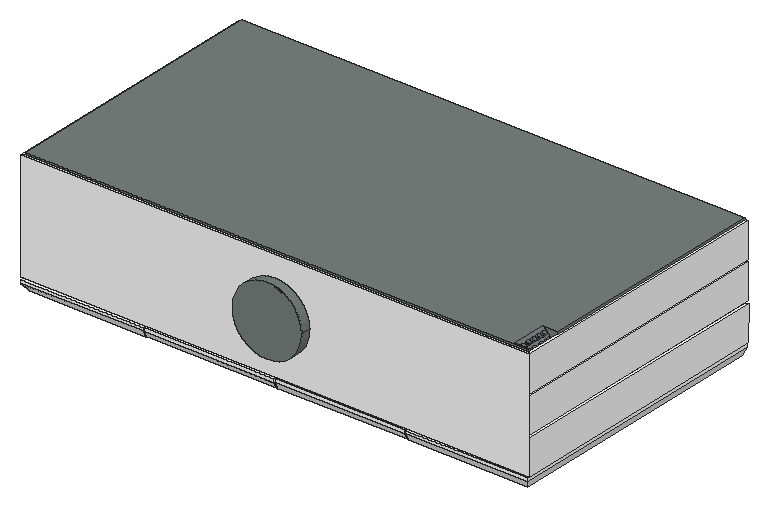
Revit family "AM 1000 HH DIDE", category Mechanical Equipment, Revit 2019
Family settings
  Round Connector Dimension = Use Diameter
  Part Type = Normal
  OmniClass Number = 23.75.00.00
  OmniClass Title = Climate Control (HVAC)
  Work Plane-Based = No
  Always vertical = Yes
  Cut with Voids When Loaded = No
  Shared = No
  Room Calculation Point = No
Parameters
  Weight (Standard Unit) = 301.5  # constant formula
  Water heating surface in = "1/2\" (DN 15)"
  Water heating surface Return = "1/2\" (DN 15)"
  Water Heater Surface Return = 15 mm  # constant formula
  Water Heater Surface IN = 15 mm  # constant formula
  URL = "www.airmaster-as.com"
  Total Width = 2325 mm  # constant formula
  Total Hight = 560 mm  # constant formula
  Top Panel [instance] = yes
  T-C Duct Exhaust = 258 mm  # constant formula
  T-C Duct Supply = 258 mm  # constant formula
  Suply Air In = 315 mm  # constant formula
  R-C Duct Exhaust = 237 mm  # constant formula
  Phase 1 - Max Power Consumption = "4105 W"
  Phase 1 - Max Current = "19 A"
  Nominal current, electrical preheating surface = "10 A"
  Nominal current, electrical comfort heating surface = "6,5 A"
  Nominal current, air handling unit = "2,2 A"
  Network Conection = "AWG 24 CAT 5e STP"
  Model = "AM 1000 HH DIDE"
  Middel Panel [instance] = yes
  Max. flow rate 35 dB(A) with ePM10 80% filters = 998.00 m³  # constant formula
  Max. flow rate 35 dB(A) with ePM10 55% filters = 1025.00 m³  # constant formula
  Max. flow rate 35 dB(A) with ePM10 50% filters = 1050.00 m³  # constant formula
  Max. flow rate 30 dB(A) with ePM10 80% filters = 903.00 m³  # constant formula
  Max. flow rate 30 dB(A) with ePM10 55% filters = 926.00 m³  # constant formula
  Max. flow rate 30 dB(A) with ePM10 50% filters = 950.00 m³  # constant formula
  Manufacturer = "Airmaster A/S"
  Maintenance [instance] = no
  L-C Duct ESupply = 317 mm  # constant formula
  Exhaust Air = 315 mm  # constant formula
  Total Depth = 1248 mm  # constant formula
  Electrical connection = "1  ~ 230V+N+PE / 3 ~ 230/400V+N+PE/ 50 Hz"
  Drawn By = "LSB"
  Data Sheet = "https://www.airmaster-as.com/media/dd4ftkqw/14174_ds_am1000_en_rev01.pdf"
  Condensate conector = "Ø6/9 mm"
  Condensate = 9 mm  # constant formula
  Buttom Panel [instance] = yes
  BMS Panel = "(PTS) 2x2x0,6"
  BMS Out = "(PTS) 2x2x0,6"
  BMS IN = "(PTS) 2x2x0,6"
  Airflow area [instance] = no
  Air flow area [instance] = Airflow
Reference planes
  plane 1 "Center (Front/Back)": y = 0
  plane 2: z = 0
  plane 3 "Center (Left/Right)": x = 0
  plane 4 "Center L/S": y = -1248
  plane 5 "Center L/T": x = -1162.5
  plane 6 "Center L/U": x = 1162.5
  plane 7 "TOP": z = 560
  plane 8 "Center L/V": x = -1147.5
  plane 9 "Center L/W": y = -1233
  plane 10 "Center L/X": x = 1147.5
  plane 11 "Panel Buttom": z = 44.5
  plane 12 "Panel Top": z = 212.5
  plane 13 "Hatch": z = 14.5
  plane 14 "Center L/Z": z = 222.5
  plane 15 "Center L/AA": z = 382.5
  plane 16 "Center L/BB": z = 392.5
  plane 17 "Center L/CC": z = 552.5
  plane 18 "Center L/DD": z = 52.35
  plane 19 "Center L/EE": z = 411.6
  plane 20: x = 1077.714
  plane 21: y = -1065.25
Forms (mm)
  Extrusion 1, solid, material "AM Grey"
    sketch origin (0, 0, 0) x (1, 0, 0) y (0, 1, 0)
      loop
        line (-1147.5, 0) -> (-1147.5, -1233) -> (1147.5, -1233) -> (1147.5, 0) -> (-1147.5, 0)
    from 44.5 to 560
  Blend 2, solid, material "AM White"
    base sketch origin (-790.646, -1524, 14.5) x (0, -1, 0) y (1, 0, 0)
      loop
        line (-276, -364.887) -> (-276, 1946.157) -> (-1524, 1946.157) -> (-1524, -364.887) -> (-276, -364.887)
    top sketch origin (-790.646, -1524, 14.5) x (0, -1, 0) y (1, 0, 0)
      loop
        line (-291, -337.182) -> (-291, 1935.146) -> (-1512, 1935.146) -> (-1512, -337.182) -> (-291, -337.182)
    from 14.086 to -14.5
  Extrusion 3, solid, material "AM Grey"
    sketch origin (-1147.5, 0, 0) x (1, 0, 0) y (0, 0, -1)
      loop
        circle (2073, -302) r 157.5
    from 0 to 9.75
  Extrusion 4, solid, material "AM Grey"
    sketch origin (-785, 0, 0) x (1, 0, 0) y (0, 0, -1)
      loop
        circle (-60.5, -302) r 157.5
    from 0 to 9.75
  Extrusion 5, solid, material "Maintenece", visible <- "Maintenance"
    sketch origin (-790.646, -1524, 0) x (1, 0, 0) y (0, -1, 0)
      loop
        line (-355.498, -1524) -> (1953.146, -1524) -> (1953.146, -276) -> (-355.498, -276) -> (-355.498, -1524)
    from 0 to 1200
  Extrusion 6, void
    sketch origin (1162.5, -1248, 44.5) x (1, 0, 0) y (0, 0, -1)
      loop
        line (-561, 44.65) -> (-570.2, 44.65)
        arc (-570.2, 44.65) -> (-568.786, 44.064) -> (-568.2, 42.65) r 2
        line (-568.2, 42.65) -> (-568.2, -7.85) -> (-563, -7.85) -> (-563, 42.65)
        arc (-563, 42.65) -> (-562.414, 44.064) -> (-561, 44.65) r 2
      loop
        line (-1157.2, 44.65) -> (-1166.4, 44.65)
        arc (-1166.4, 44.65) -> (-1164.986, 44.064) -> (-1164.4, 42.65) r 2
        line (-1164.4, 42.65) -> (-1164.4, -7.85) -> (-1159.2, -7.85) -> (-1159.2, 42.65)
        arc (-1159.2, 42.65) -> (-1158.614, 44.064) -> (-1157.2, 44.65) r 2
      loop
        line (-1754.3, 44.65) -> (-1763.5, 44.65)
        arc (-1763.5, 44.65) -> (-1762.086, 44.064) -> (-1761.5, 42.65) r 2
        line (-1761.5, 42.65) -> (-1761.5, -7.85) -> (-1756.3, -7.85) -> (-1756.3, 42.65)
        arc (-1756.3, 42.65) -> (-1755.714, 44.064) -> (-1754.3, 44.65) r 2
    from 0 to 1281
  Extrusion 7, solid, material "AM White"
    sketch origin (0, 0, 44.5) x (0, 1, 0) y (1, 0, 0)
      loop
        line (-1248, -1157) -> (0, -1157) -> (0, 1155.511) -> (-1248, 1155.511) -> (-1248, -1157)
    from 0 to 15.914
  Extrusion 8, solid, material "AM White", visible <- "Middel Panel"
    sketch origin (794.5, -1524, 214.5) x (0, -1, 0) y (-1, 0, 0)
      loop
        line (-1524, -368) -> (-278.318, -368) -> (-293.318, -353) -> (-1524, -353) -> (-1524, -368)
    from -7.85 to -168
  Extrusion 9, solid
    sketch origin (1147.5, -1256.441, -6.992) x (0, 1, 0) y (0, 0, 1)
      loop
        arc (1222.716, 528.556) -> (1233.368, 538.673) -> (1222.441, 548.492) r 10
        arc (1222.441, 548.492) -> (1213.37, 538.397) -> (1222.716, 528.556) r 10
    from 0 to 14
  Extrusion 10, solid
    sketch origin (1147.5, -1256.441, -6.992) x (0, 1, 0) y (0, 0, 1)
      loop
        arc (1200.869, 545.503) -> (1201.138, 537.541) -> (1202.323, 545.419) r 4
        arc (1202.323, 545.419) -> (1201.6, 545.528) -> (1200.869, 545.503) r 4
    from 0 to 14
  Extrusion 11, solid
    sketch origin (1147.5, -1256.441, -6.992) x (0, 1, 0) y (0, 0, 1)
      loop
        arc (1222.716, 498.556) -> (1233.368, 508.673) -> (1222.441, 518.492) r 10
        arc (1222.441, 518.492) -> (1213.37, 508.397) -> (1222.716, 498.556) r 10
    from 0 to 14
  Extrusion 12, solid
    sketch origin (1147.5, -1256.441, -6.992) x (0, 1, 0) y (0, 0, 1)
      loop
        arc (1200.869, 531.503) -> (1201.138, 523.541) -> (1202.323, 531.419) r 4
        arc (1202.323, 531.419) -> (1201.6, 531.528) -> (1200.869, 531.503) r 4
    from 0 to 14
  Extrusion 13, solid
    sketch origin (1147.5, -1256.441, -6.992) x (0, 1, 0) y (0, 0, 1)
      loop
        arc (1200.869, 517.503) -> (1201.138, 509.541) -> (1202.323, 517.419) r 4
        arc (1202.323, 517.419) -> (1201.6, 517.528) -> (1200.869, 517.503) r 4
    from 0 to 14
  Extrusion 14, solid
    sketch origin (1147.5, -1256.441, -6.992) x (0, 1, 0) y (0, 0, 1)
      loop
        arc (1200.869, 503.503) -> (1201.138, 495.541) -> (1202.323, 503.419) r 4
        arc (1202.323, 503.419) -> (1201.6, 503.528) -> (1200.869, 503.503) r 4
    from 0 to 14
  Extrusion 15, solid
    sketch origin (1147.5, -1256.441, -6.992) x (0, 1, 0) y (0, 0, 1)
      loop
        arc (1200.869, 489.503) -> (1201.138, 481.541) -> (1202.323, 489.419) r 4
        arc (1202.323, 489.419) -> (1201.6, 489.528) -> (1200.869, 489.503) r 4
    from 0 to 14
  Extrusion 16, solid
    sketch origin (1147.5, -1256.441, -6.992) x (0, 1, 0) y (0, 0, 1)
      loop
        arc (1200.869, 475.503) -> (1201.138, 467.541) -> (1202.323, 475.419) r 4
        arc (1202.323, 475.419) -> (1201.6, 475.528) -> (1200.869, 475.503) r 4
    from 0 to 14
  Extrusion 17, solid
    sketch origin (1147.5, -1256.441, -6.992) x (0, 1, 0) y (0, 0, 1)
      loop
        arc (1200.869, 461.503) -> (1201.138, 453.541) -> (1202.323, 461.419) r 4
        arc (1202.323, 461.419) -> (1201.6, 461.528) -> (1200.869, 461.503) r 4
    from 0 to 14
  Extrusion 18, solid
    sketch origin (1147.5, -1256.441, -6.992) x (0, 1, 0) y (0, 0, 1)
      loop
        arc (1200.869, 447.503) -> (1201.138, 439.541) -> (1202.323, 447.419) r 4
        arc (1202.323, 447.419) -> (1201.6, 447.528) -> (1200.869, 447.503) r 4
    from 0 to 14
  Extrusion 19, solid
    sketch origin (1147.5, -1256.441, -6.992) x (0, 1, 0) y (0, 0, 1)
      loop
        arc (1200.869, 433.503) -> (1201.138, 425.541) -> (1202.323, 433.419) r 4
        arc (1202.323, 433.419) -> (1201.6, 433.528) -> (1200.869, 433.503) r 4
    from 0 to 14
  Extrusion 20, solid
    sketch origin (1147.5, -1256.441, -6.992) x (0, 1, 0) y (0, 0, 1)
      loop
        arc (1200.869, 419.503) -> (1201.138, 411.541) -> (1202.323, 419.419) r 4
        arc (1202.323, 419.419) -> (1201.6, 419.528) -> (1200.869, 419.503) r 4
    from 0 to 14
  Extrusion 21, solid
    sketch origin (1147.5, -1256.441, -6.992) x (0, 1, 0) y (0, 0, 1)
      loop
        arc (1222.716, 468.556) -> (1233.368, 478.673) -> (1222.441, 488.492) r 10
        arc (1222.441, 488.492) -> (1213.37, 478.397) -> (1222.716, 468.556) r 10
    from 0 to 14
  Extrusion 22, solid
    sketch origin (1147.5, -1256.441, -6.992) x (0, 1, 0) y (0, 0, 1)
      loop
        arc (1222.716, 438.556) -> (1233.368, 448.673) -> (1222.441, 458.492) r 10
        arc (1222.441, 458.492) -> (1213.37, 448.397) -> (1222.716, 438.556) r 10
    from 0 to 14
  Extrusion 23, solid
    sketch origin (1147.5, -1256.441, -6.992) x (0, 1, 0) y (0, 0, 1)
      loop
        arc (1222.716, 408.556) -> (1233.368, 418.673) -> (1222.441, 428.492) r 10
        arc (1222.441, 428.492) -> (1213.37, 418.397) -> (1222.716, 408.556) r 10
    from 0 to 14
  Extrusion 24, void
    sketch origin (1147.5, -1233, 0) x (1, 0, 0) y (0, 0, -1)
      loop
        line (-69.786, -560) -> (0, -560) -> (0, -490.214) -> (-69.786, -560)
    from 5 to 167.75
  Extrusion 25, solid, material "AM Grey"
    sketch origin (1077.714, -1240.497, 560) x (0.707107, 0, -0.707107) y (0, 1, 0)
      loop
        circle (55.785, 29.963) r 10
    from 0 to 15
  Extrusion 26, solid, material "AM Grey"
    sketch origin (1077.714, -4445.497, 560) x (0.707107, 0, -0.707107) y (0, 1, 0)
      loop
        circle (25.193, 3235.104) r 8
    from 0 to 15
  Extrusion 27, solid, material "AM Grey"
    sketch origin (1077.714, -4415.497, 560) x (0.707107, 0, -0.707107) y (0, 1, 0)
      loop
        circle (25.193, 3235.104) r 8
    from 0 to 15
  Extrusion 28, solid, material "AM Grey"
    sketch origin (1077.714, -4385.497, 560) x (0.707107, 0, -0.707107) y (0, 1, 0)
      loop
        circle (25.193, 3235.104) r 8
    from 0 to 15
  Extrusion 29, solid, material "AM Grey"
    sketch origin (1077.714, -4355.497, 560) x (0.707107, 0, -0.707107) y (0, 1, 0)
      loop
        circle (25.193, 3235.104) r 8
    from 0 to 15
  Extrusion 30, solid, material "AM Grey"
    sketch origin (1077.714, -4325.497, 560) x (0.707107, 0, -0.707107) y (0, 1, 0)
      loop
        circle (25.193, 3235.104) r 8
    from 0 to 15
  Extrusion 31, solid, material "AM Grey"
    sketch origin (1077.714, -1201.186, 560) x (0.707107, 0, -0.707107) y (0, 1, 0)
      loop
        circle (55.785, 29.963) r 10
    from 0 to 15
  Extrusion 32, solid, material "AM Grey"
    sketch origin (1077.714, -1159.936, 560) x (0.707107, 0, -0.707107) y (0, 1, 0)
      loop
        circle (55.785, 29.963) r 10
    from 0 to 15
  Extrusion 33, solid, material "AM Grey"
    sketch origin (1077.714, -1120.561, 560) x (0.707107, 0, -0.707107) y (0, 1, 0)
      loop
        circle (55.785, 29.963) r 10
    from 0 to 15
  Extrusion 34, solid, material "AM Grey"
    sketch origin (-1147.5, -1233, 0) x (0, 1, 0) y (0, 0, -1)
      loop
        line (1232.629, -484.5) -> (1232.629, -460.5) -> (1225.161, -460.5) -> (1208.129, -460.5)
        arc (1208.129, -460.5) -> (1196.129, -472.5) -> (1208.129, -484.5) r 12
        line (1208.129, -484.5) -> (1224.336, -484.5) -> (1232.629, -484.5)
    from 0 to 14
  Extrusion 35, solid, material "AM Grey"
    sketch origin (-1147.5, -1233, -44.5) x (0, 1, 0) y (0, 0, -1)
      loop
        line (1232.629, -484.5) -> (1232.629, -460.5) -> (1225.161, -460.5) -> (1208.129, -460.5)
        arc (1208.129, -460.5) -> (1196.129, -472.5) -> (1208.129, -484.5) r 12
        line (1208.129, -484.5) -> (1224.336, -484.5) -> (1232.629, -484.5)
    from 0 to 14
  Extrusion 36, solid, material "AM White"
    sketch origin (794.5, -1524, 44.5) x (0, -1, 0) y (-1, 0, 0)
      loop
        line (-276, -365.7) -> (-276, 1954.706) -> (-291, 1939.706) -> (-291, -350.7) -> (-276, -365.7)
    from -7.85 to -508
  Extrusion 37, solid, material "AM White", visible <- "Top Panel"
    sketch origin (794.5, -1524, 384.5) x (0, -1, 0) y (-1, 0, 0)
      loop
        line (-1524, -368) -> (-278.318, -368) -> (-293.318, -353) -> (-1524, -353) -> (-1524, -368)
    from -7.85 to -168
  Extrusion 38, solid, material "AM White", visible <- "Buttom Panel"
    sketch origin (794.5, -1524, 44.5) x (0, -1, 0) y (-1, 0, 0)
      loop
        line (-1524, -368) -> (-278.318, -368) -> (-293.318, -353) -> (-1524, -353) -> (-1524, -368)
    from -7.85 to -168
  Extrusion 39, solid, material "AM Grey"
    sketch origin (1162.5, -1248, 214.5) x (-1, 0, 0) y (0, 0, -1)
      loop
        circle (1162, -87.5) r 157.5
    from -15 to 45
  Extrusion 40, solid, material "AM White"
    sketch origin (794.5, -1524, 52.35) x (0, -1, 0) y (-1, 0, 0)
      loop
        line (-1524, 1957) -> (-1524, 1942) -> (-293.294, 1942) -> (-278.294, 1957) -> (-1524, 1957)
    from 0 to -500.15
  Extrusion 41, solid, material "AM Grey"
    sketch origin (-1147.5, -1233, 0) x (0, 1, 0) y (0, 0, -1)
      loop
        circle (437, -302) r 157.5
    from 0 to 45
Cuts and joins
  Extrusion 6 cuts Blend 2
  Extrusion 6 cuts Extrusion 7
  Extrusion 24 cuts Extrusion 1
Dimensions and locks
  "Total Depth": plane 4 "Center L/S" to plane 1 "Center (Front/Back)"
  equal spacing: plane 5 "Center L/T", plane 3 "Center (Left/Right)", plane 6 "Center L/U"
  "Total Width": plane 5 "Center L/T" to plane 6 "Center L/U"
  "Total Hight": plane 7 "TOP" to level
  locked: plane 10 "Center L/X" to plane 6 "Center L/U" at 15
  locked: plane 4 "Center L/S" to plane 9 "Center L/W" at 15
  locked: plane 5 "Center L/T" to plane 8 "Center L/V" at 15
  "R-C Duct Exhaust": plane 6 "Center L/U" to Extrusion 3 sketch curve
  "T-C Duct Supply": Extrusion 4 sketch curve to plane 7 "TOP"
  "L-C Duct ESupply": Extrusion 4 sketch curve to plane 5 "Center L/T"
  plane 6 "Center L/U" to Extrusion 39 sketch curve = 1162 mm
  plane 7 "TOP" to Extrusion 39 sketch curve = 258 mm
  plane 1 "Center (Front/Back)" to Extrusion 41 sketch curve = 796 mm
  cut or joined group of Extrusion 1, Extrusion 24 to Extrusion 41 sketch curve = 258 mm
  "Exhaust Air": diameter of Extrusion 3 sketch curve
  "Suply Air In": diameter of Extrusion 4 sketch curve
  "Suply Air In": diameter of Extrusion 39 sketch curve
  "Exhaust Air": diameter of Extrusion 41 sketch curve
  aligned and locked: level to plane 2
  aligned and locked: plane 1 "Center (Front/Back)" to Extrusion 1 sketch curve
  aligned and locked: Extrusion 1 sketch curve to plane 8 "Center L/V"
  aligned and locked: Extrusion 1 sketch curve to plane 9 "Center L/W"
  aligned and locked: Extrusion 1 sketch curve to plane 10 "Center L/X"
  aligned and locked: plane 7 "TOP" to Extrusion 1
  aligned and locked: Blend 2 to plane 2
  aligned and locked: Extrusion 1 to plane 11 "Panel Buttom"
  aligned and locked: Extrusion 3 to Extrusion 4
  aligned and locked: Extrusion 40 to Extrusion 36
  aligned and locked: cut or joined group of Blend 2, Extrusion 6 to Extrusion 39
Automatic sketch dimensions
  plane 1 "Center (Front/Back)" to Blend 2 sketch curve = 0 mm
  plane 4 "Center L/S" to Blend 2 sketch curve = 0 mm
  plane 5 "Center L/T" to Blend 2 sketch curve = 6.967 mm
  Blend 2 sketch curve to plane 6 "Center L/U" = 6.989 mm
  Blend 2 sketch curve to plane 9 "Center L/W" = 0 mm
  Blend 2 sketch curve to plane 10 "Center L/X" = 3 mm
  plane 1 "Center (Front/Back)" to Blend 2 sketch curve = 12 mm
  plane 8 "Center L/V" to Blend 2 sketch curve = 19.672 mm
  Extrusion 1 to Extrusion 3 sketch curve = 258 mm
  Extrusion 5 sketch curve to Blend 2 = 18.316 mm
  Extrusion 5 sketch curve to Blend 2 = 18 mm
  Extrusion 5 sketch curve to Blend 2 = 15 mm
  Extrusion 5 sketch curve to Blend 2 = 12 mm
  Extrusion 6 sketch curve to plane 18 "Center L/DD" = 0 mm  (x3)
  level to Extrusion 6 sketch curve = 1.85 mm  (x6)
  plane 8 "Center L/V" to Extrusion 6 sketch curve = 546.5 mm
  Extrusion 6 sketch curve to Extrusion 6 sketch curve = 2 mm  (x5)
  Extrusion 6 sketch curve to Extrusion 6 sketch curve = 5.2 mm  (x2)
  Extrusion 6 sketch curve to plane 3 "Center (Left/Right)" = 3.9 mm
  Extrusion 6 sketch curve to plane 3 "Center (Left/Right)" = 1.9 mm
  plane 3 "Center (Left/Right)" to Extrusion 6 sketch curve = 3.3 mm
  Extrusion 6 sketch curve to plane 20 = 485.414 mm
  Extrusion 6 sketch curve to Extrusion 6 sketch curve = 0 mm  (x9)
  Extrusion 1 to Extrusion 7 sketch curve = 0 mm
  Extrusion 7 sketch curve to Extrusion 1 = 15 mm
  Extrusion 7 sketch curve to Extrusion 1 = 8.011 mm
  Extrusion 7 sketch curve to Extrusion 1 = 9.5 mm
  plane 1 "Center (Front/Back)" to Extrusion 8 sketch curve = 0 mm
  Extrusion 8 sketch curve to plane 10 "Center L/X" = 0 mm
  Extrusion 8 sketch curve to plane 6 "Center L/U" = 0 mm
  Extrusion 8 sketch curve to plane 9 "Center L/W" = 2.318 mm
  Extrusion 8 sketch curve to plane 4 "Center L/S" = 2.318 mm
  Extrusion 9 sketch curve to Extrusion 9 sketch curve = 0 mm  (x2)
  Extrusion 1 to Extrusion 9 sketch curve = 33.072 mm
  Extrusion 1 to Extrusion 9 sketch curve = 28.457 mm
  Extrusion 9 sketch curve to Extrusion 9 sketch curve = 0.653 mm
  Extrusion 9 sketch curve to Extrusion 9 sketch curve = 0.928 mm
  Extrusion 9 sketch curve to Extrusion 9 sketch curve = 9.979 mm
  Extrusion 10 sketch curve to Extrusion 10 sketch curve = 0 mm  (x2)
  Extrusion 1 to Extrusion 10 sketch curve = 25.457 mm
  Extrusion 1 to Extrusion 10 sketch curve = 55.072 mm
  Extrusion 10 sketch curve to Extrusion 10 sketch curve = 0.5 mm
  Extrusion 10 sketch curve to Extrusion 10 sketch curve = 1.454 mm
  Extrusion 10 sketch curve to Extrusion 10 sketch curve = 3.884 mm
  Extrusion 11 sketch curve to Extrusion 11 sketch curve = 0 mm  (x2)
  Extrusion 1 to Extrusion 11 sketch curve = 33.072 mm
  Extrusion 1 to Extrusion 11 sketch curve = 58.457 mm
  Extrusion 11 sketch curve to Extrusion 11 sketch curve = 0.653 mm
  Extrusion 11 sketch curve to Extrusion 11 sketch curve = 0.928 mm
  Extrusion 11 sketch curve to Extrusion 11 sketch curve = 9.979 mm
  Extrusion 12 sketch curve to Extrusion 12 sketch curve = 0 mm  (x2)
  Extrusion 1 to Extrusion 12 sketch curve = 55.072 mm
  Extrusion 1 to Extrusion 12 sketch curve = 39.457 mm
  Extrusion 12 sketch curve to Extrusion 12 sketch curve = 0.5 mm
  Extrusion 12 sketch curve to Extrusion 12 sketch curve = 1.454 mm
  Extrusion 12 sketch curve to Extrusion 12 sketch curve = 3.884 mm
  Extrusion 13 sketch curve to Extrusion 13 sketch curve = 0 mm  (x2)
  Extrusion 1 to Extrusion 13 sketch curve = 55.072 mm
  Extrusion 1 to Extrusion 13 sketch curve = 53.457 mm
  Extrusion 13 sketch curve to Extrusion 13 sketch curve = 0.5 mm
  Extrusion 13 sketch curve to Extrusion 13 sketch curve = 1.454 mm
  Extrusion 13 sketch curve to Extrusion 13 sketch curve = 3.884 mm
  Extrusion 14 sketch curve to Extrusion 14 sketch curve = 0 mm  (x2)
  Extrusion 1 to Extrusion 14 sketch curve = 55.072 mm
  Extrusion 1 to Extrusion 14 sketch curve = 67.457 mm
  Extrusion 14 sketch curve to Extrusion 14 sketch curve = 0.5 mm
  Extrusion 14 sketch curve to Extrusion 14 sketch curve = 1.454 mm
  Extrusion 14 sketch curve to Extrusion 14 sketch curve = 3.884 mm
  Extrusion 15 sketch curve to Extrusion 15 sketch curve = 0 mm  (x2)
  Extrusion 1 to Extrusion 15 sketch curve = 55.072 mm
  Extrusion 1 to Extrusion 15 sketch curve = 81.457 mm
  Extrusion 15 sketch curve to Extrusion 15 sketch curve = 0.5 mm
  Extrusion 15 sketch curve to Extrusion 15 sketch curve = 1.454 mm
  Extrusion 15 sketch curve to Extrusion 15 sketch curve = 3.884 mm
  Extrusion 16 sketch curve to Extrusion 16 sketch curve = 0 mm  (x2)
  Extrusion 1 to Extrusion 16 sketch curve = 55.072 mm
  Extrusion 1 to Extrusion 16 sketch curve = 95.457 mm
  Extrusion 16 sketch curve to Extrusion 16 sketch curve = 0.5 mm
  Extrusion 16 sketch curve to Extrusion 16 sketch curve = 1.454 mm
  Extrusion 16 sketch curve to Extrusion 16 sketch curve = 3.884 mm
  Extrusion 17 sketch curve to Extrusion 17 sketch curve = 0 mm  (x2)
  Extrusion 1 to Extrusion 17 sketch curve = 55.072 mm
  Extrusion 1 to Extrusion 17 sketch curve = 109.457 mm
  Extrusion 17 sketch curve to Extrusion 17 sketch curve = 0.5 mm
  Extrusion 17 sketch curve to Extrusion 17 sketch curve = 1.454 mm
  Extrusion 17 sketch curve to Extrusion 17 sketch curve = 3.884 mm
  Extrusion 18 sketch curve to Extrusion 18 sketch curve = 0 mm  (x2)
  Extrusion 1 to Extrusion 18 sketch curve = 55.072 mm
  Extrusion 1 to Extrusion 18 sketch curve = 123.457 mm
  Extrusion 18 sketch curve to Extrusion 18 sketch curve = 0.5 mm
  Extrusion 18 sketch curve to Extrusion 18 sketch curve = 1.454 mm
  Extrusion 18 sketch curve to Extrusion 18 sketch curve = 3.884 mm
  Extrusion 19 sketch curve to Extrusion 19 sketch curve = 0 mm  (x2)
  Extrusion 1 to Extrusion 19 sketch curve = 55.072 mm
  Extrusion 1 to Extrusion 19 sketch curve = 137.457 mm
  Extrusion 19 sketch curve to Extrusion 19 sketch curve = 0.5 mm
  Extrusion 19 sketch curve to Extrusion 19 sketch curve = 1.454 mm
  Extrusion 19 sketch curve to Extrusion 19 sketch curve = 3.884 mm
  Extrusion 20 sketch curve to Extrusion 20 sketch curve = 0 mm  (x2)
  Extrusion 1 to Extrusion 20 sketch curve = 55.072 mm
  Extrusion 1 to Extrusion 20 sketch curve = 151.457 mm
  Extrusion 20 sketch curve to Extrusion 20 sketch curve = 0.5 mm
  Extrusion 20 sketch curve to Extrusion 20 sketch curve = 1.454 mm
  Extrusion 20 sketch curve to Extrusion 20 sketch curve = 3.884 mm
  Extrusion 21 sketch curve to Extrusion 21 sketch curve = 0 mm  (x2)
  Extrusion 1 to Extrusion 21 sketch curve = 33.072 mm
  Extrusion 1 to Extrusion 21 sketch curve = 88.457 mm
  Extrusion 21 sketch curve to Extrusion 21 sketch curve = 0.653 mm
  Extrusion 21 sketch curve to Extrusion 21 sketch curve = 0.928 mm
  Extrusion 21 sketch curve to Extrusion 21 sketch curve = 9.979 mm
  Extrusion 22 sketch curve to Extrusion 22 sketch curve = 0 mm  (x2)
  Extrusion 1 to Extrusion 22 sketch curve = 33.072 mm
  Extrusion 1 to Extrusion 22 sketch curve = 118.457 mm
  Extrusion 22 sketch curve to Extrusion 22 sketch curve = 0.653 mm
  Extrusion 22 sketch curve to Extrusion 22 sketch curve = 0.928 mm
  Extrusion 22 sketch curve to Extrusion 22 sketch curve = 9.979 mm
  Extrusion 23 sketch curve to Extrusion 23 sketch curve = 0 mm  (x2)
  Extrusion 1 to Extrusion 23 sketch curve = 33.072 mm
  Extrusion 1 to Extrusion 23 sketch curve = 148.457 mm
  Extrusion 23 sketch curve to Extrusion 23 sketch curve = 0.653 mm
  Extrusion 23 sketch curve to Extrusion 23 sketch curve = 0.928 mm
  Extrusion 23 sketch curve to Extrusion 23 sketch curve = 9.979 mm
  Extrusion 24 sketch curve to Extrusion 1 = 0 mm
  Extrusion 1 to Extrusion 24 sketch curve = 0 mm
  Extrusion 1 to Extrusion 24 sketch curve = 69.786 mm
  Extrusion 24 sketch curve to Extrusion 24 sketch curve = 69.786 mm
  Extrusion 24 to Extrusion 25 sketch curve = 17.466 mm
  Extrusion 25 sketch curve to Extrusion 24 = 42.906 mm
  Extrusion 26 sketch curve to Extrusion 24 = 25.193 mm
  Extrusion 24 to Extrusion 26 sketch curve = 17.608 mm
  Extrusion 27 sketch curve to Extrusion 24 = 25.193 mm
  Extrusion 24 to Extrusion 27 sketch curve = 47.608 mm
  Extrusion 28 sketch curve to Extrusion 24 = 25.193 mm
  Extrusion 24 to Extrusion 28 sketch curve = 77.608 mm
  Extrusion 29 sketch curve to Extrusion 24 = 25.193 mm
  Extrusion 24 to Extrusion 29 sketch curve = 55.142 mm
  Extrusion 30 sketch curve to Extrusion 24 = 25.193 mm
  Extrusion 24 to Extrusion 30 sketch curve = 25.142 mm
  Extrusion 31 sketch curve to Extrusion 24 = 42.906 mm
  Extrusion 24 to Extrusion 31 sketch curve = 56.777 mm
  Extrusion 32 sketch curve to Extrusion 24 = 42.906 mm
  Extrusion 24 to Extrusion 32 sketch curve = 64.723 mm
  Extrusion 33 sketch curve to Extrusion 24 = 42.906 mm
  Extrusion 24 to Extrusion 33 sketch curve = 25.348 mm
  Extrusion 1 to Extrusion 34 sketch curve = 24.871 mm
  Extrusion 1 to Extrusion 34 sketch curve = 8.664 mm
  Extrusion 1 to Extrusion 34 sketch curve = 7.839 mm
  Extrusion 1 to Extrusion 34 sketch curve = 0.371 mm
  Extrusion 1 to Extrusion 34 sketch curve = 75.5 mm
  Extrusion 34 sketch curve to Extrusion 34 sketch curve = 12 mm
  Extrusion 1 to Extrusion 35 sketch curve = 24.871 mm
  Extrusion 1 to Extrusion 35 sketch curve = 8.664 mm
  Extrusion 1 to Extrusion 35 sketch curve = 7.839 mm
  Extrusion 1 to Extrusion 35 sketch curve = 0.371 mm
  Extrusion 1 to Extrusion 35 sketch curve = 120 mm
  Extrusion 35 sketch curve to Extrusion 35 sketch curve = 12 mm
  Extrusion 36 sketch curve to plane 9 "Center L/W" = 0 mm
  plane 4 "Center L/S" to Extrusion 36 sketch curve = 0 mm
  plane 5 "Center L/T" to Extrusion 36 sketch curve = 2.294 mm
  plane 8 "Center L/V" to Extrusion 36 sketch curve = 2.294 mm
  Extrusion 36 sketch curve to plane 10 "Center L/X" = 2.3 mm
  Extrusion 36 sketch curve to plane 6 "Center L/U" = 2.3 mm
  plane 1 "Center (Front/Back)" to Extrusion 37 sketch curve = 0 mm
  Extrusion 37 sketch curve to plane 10 "Center L/X" = 0 mm
  Extrusion 37 sketch curve to plane 6 "Center L/U" = 0 mm
  Extrusion 37 sketch curve to plane 9 "Center L/W" = 2.318 mm
  Extrusion 37 sketch curve to plane 4 "Center L/S" = 2.318 mm
  plane 1 "Center (Front/Back)" to Extrusion 38 sketch curve = 0 mm
  Extrusion 38 sketch curve to plane 10 "Center L/X" = 0 mm
  Extrusion 38 sketch curve to plane 6 "Center L/U" = 0 mm
  Extrusion 38 sketch curve to plane 9 "Center L/W" = 2.318 mm
  Extrusion 38 sketch curve to plane 4 "Center L/S" = 2.318 mm
  plane 1 "Center (Front/Back)" to Extrusion 40 sketch curve = 0 mm
  Extrusion 40 sketch curve to plane 8 "Center L/V" = 0 mm
  Extrusion 40 sketch curve to plane 5 "Center L/T" = 0 mm
  Extrusion 40 sketch curve to plane 9 "Center L/W" = 2.294 mm
  Extrusion 40 sketch curve to plane 4 "Center L/S" = 2.294 mm
  radius of Extrusion 25 sketch curve = 10 mm
  radius of Extrusion 26 sketch curve = 8 mm
  radius of Extrusion 27 sketch curve = 8 mm
  radius of Extrusion 28 sketch curve = 8 mm
  radius of Extrusion 29 sketch curve = 8 mm
  radius of Extrusion 30 sketch curve = 8 mm
  radius of Extrusion 31 sketch curve = 10 mm
  radius of Extrusion 32 sketch curve = 10 mm
  radius of Extrusion 33 sketch curve = 10 mm
Nested families
  nested 1: "Model Label 2019" at (0, -602.425, 0), Label <- "Model", type "Model Label 2019"
    with Label "AM 1000 HH DIDE"
Connectors
  electrical at (1161.5, -54.845, 538.47), driven by "Electrical connection"
    settings: on Extrusion 10, index 11, voltage 400 V, apparent load 0 VA, apparent load phase1 0 VA, apparent load phase2 0 VA, apparent load phase3 0 VA, power factor 0.58, load classification "HVAC", number of poles 3, system type 31, power factor state 1, is connector primary yes, connector utility no, sub classification motor no, connector description "1  ~ 230V+N+PE / 3 ~ 230/400V+N+PE/ 50 Hz"
  electrical at (1161.5, -54.845, 524.47), driven by "BMS IN"
    settings: on Extrusion 12, index 12, voltage 0 V, apparent load 0 VA, apparent load phase1 0 VA, apparent load phase2 0 VA, apparent load phase3 0 VA, power factor 1, load classification "Other", number of poles 1, system type 5, power factor state 1, is connector primary no, connector utility no, sub classification motor no, connector description "(PTS) 2x2x0,6"
  electrical at (1161.5, -54.845, 510.47), driven by "BMS Out"
    settings: on Extrusion 13, index 13, voltage 0 V, apparent load 0 VA, apparent load phase1 0 VA, apparent load phase2 0 VA, apparent load phase3 0 VA, power factor 1, load classification "Other", number of poles 1, system type 5, power factor state 1, is connector primary no, connector utility no, sub classification motor no, connector description "(PTS) 2x2x0,6"
  electrical at (1161.5, -54.845, 496.47), driven by "BMS Panel"
    settings: on Extrusion 14, index 14, voltage 0 V, apparent load 0 VA, apparent load phase1 0 VA, apparent load phase2 0 VA, apparent load phase3 0 VA, power factor 1, load classification "Other", number of poles 1, system type 5, power factor state 1, is connector primary no, connector utility no, sub classification motor no, connector description "(PTS) 2x2x0,6"
  electrical at (1161.5, -54.845, 482.47), driven by "Network Conection"
    settings: on Extrusion 15, index 15, voltage 0 V, apparent load 0 VA, apparent load phase1 0 VA, apparent load phase2 0 VA, apparent load phase3 0 VA, power factor 1, load classification "Other", number of poles 1, system type 5, power factor state 1, is connector primary no, connector utility no, sub classification motor no, connector description "AWG 24 CAT 5e STP"
  electrical at (1161.5, -54.845, 468.47), driven by "BMS IN"
    settings: on Extrusion 16, index 16, voltage 0 V, apparent load 0 VA, apparent load phase1 0 VA, apparent load phase2 0 VA, apparent load phase3 0 VA, power factor 1, load classification "Other", number of poles 1, system type 5, power factor state 1, is connector primary no, connector utility no, sub classification motor no, connector description "(PTS) 2x2x0,6"
  electrical at (1161.5, -54.845, 454.47), driven by "BMS IN"
    settings: on Extrusion 17, index 17, voltage 0 V, apparent load 0 VA, apparent load phase1 0 VA, apparent load phase2 0 VA, apparent load phase3 0 VA, power factor 1, load classification "Other", number of poles 1, system type 5, power factor state 1, is connector primary no, connector utility no, sub classification motor no, connector description "(PTS) 2x2x0,6"
  electrical at (1161.5, -54.845, 440.47), driven by "BMS IN"
    settings: on Extrusion 18, index 18, voltage 0 V, apparent load 0 VA, apparent load phase1 0 VA, apparent load phase2 0 VA, apparent load phase3 0 VA, power factor 1, load classification "Other", number of poles 1, system type 5, power factor state 1, is connector primary no, connector utility no, sub classification motor no, connector description "(PTS) 2x2x0,6"
  electrical at (1161.5, -54.845, 426.47), driven by "BMS IN"
    settings: on Extrusion 19, index 19, voltage 0 V, apparent load 0 VA, apparent load phase1 0 VA, apparent load phase2 0 VA, apparent load phase3 0 VA, power factor 1, load classification "Other", number of poles 1, system type 5, power factor state 1, is connector primary no, connector utility no, sub classification motor no, connector description "(PTS) 2x2x0,6"
  electrical at (1161.5, -54.845, 412.47), driven by "BMS IN"
    settings: on Extrusion 20, index 20, voltage 0 V, apparent load 0 VA, apparent load phase1 0 VA, apparent load phase2 0 VA, apparent load phase3 0 VA, power factor 1, load classification "Other", number of poles 1, system type 5, power factor state 1, is connector primary no, connector utility no, sub classification motor no, connector description "(PTS) 2x2x0,6"
  piping at (1161.5, -33.862, 531.532), diameter 9, driven by "Condensate", driven by "Condensate conector"
    settings: on Extrusion 9, index 21, connector inside diameter 609.6 mm, connector length 0 mm, flow factor 0, pipe flow 0.0 L/s, pressure drop 0.0 Pa, fitting loss kfactor 0, connector angle 0.00°, fixture units 0, engagement length 0 mm, angle of deflection 0.00°, flow configuration 0, flow direction 0, fitting loss method 0, system type 19, joint type 0, gender type 0, connector reference index -1, connector utility 0, adjustable connector no, is connector primary yes, connector description "Ø6/9 mm"
  piping at (1161.5, -33.862, 501.532), diameter 9, driven by "Condensate", driven by "Condensate conector"
    settings: on Extrusion 11, index 22, connector inside diameter 609.6 mm, connector length 0 mm, flow factor 0, pipe flow 0.0 L/s, pressure drop 0.0 Pa, fitting loss kfactor 0, connector angle 0.00°, fixture units 0, engagement length 0 mm, angle of deflection 0.00°, flow configuration 0, flow direction 0, fitting loss method 0, system type 19, joint type 0, gender type 0, connector reference index -1, connector utility 0, adjustable connector no, is connector primary no, connector description "Ø6/9 mm"
  piping at (1161.5, -33.862, 471.532), diameter 9, driven by "Condensate", driven by "Condensate conector"
    settings: on Extrusion 21, index 23, connector inside diameter 609.6 mm, connector length 0 mm, flow factor 0, pipe flow 0.0 L/s, pressure drop 0.0 Pa, fitting loss kfactor 0, connector angle 0.00°, fixture units 0, engagement length 0 mm, angle of deflection 0.00°, flow configuration 0, flow direction 0, fitting loss method 0, system type 19, joint type 0, gender type 0, connector reference index -1, connector utility 0, adjustable connector no, is connector primary no, connector description "Ø6/9 mm"
  piping at (1161.5, -33.862, 441.532), diameter 9, driven by "Condensate", driven by "Condensate conector"
    settings: on Extrusion 22, index 24, connector inside diameter 609.6 mm, connector length 0 mm, flow factor 0, pipe flow 0.0 L/s, pressure drop 0.0 Pa, fitting loss kfactor 0, connector angle 0.00°, fixture units 0, engagement length 0 mm, angle of deflection 0.00°, flow configuration 0, flow direction 0, fitting loss method 0, system type 19, joint type 0, gender type 0, connector reference index -1, connector utility 0, adjustable connector no, is connector primary no, connector description "Ø6/9 mm"
  piping at (1161.5, -33.862, 411.532), diameter 9, driven by "Condensate", driven by "Condensate conector"
    settings: on Extrusion 23, index 25, connector inside diameter 609.6 mm, connector length 0 mm, flow factor 0, pipe flow 0.0 L/s, pressure drop 0.0 Pa, fitting loss kfactor 0, connector angle 0.00°, fixture units 0, engagement length 0 mm, angle of deflection 0.00°, flow configuration 0, flow direction 0, fitting loss method 0, system type 19, joint type 0, gender type 0, connector reference index -1, connector utility 0, adjustable connector no, is connector primary no, connector description "Ø6/9 mm"
  electrical at (1106.135, -1090.392, 552.792), driven by "Electrical connection"
    settings: on Extrusion 30, index 26, voltage 0 V, apparent load 0 VA, apparent load phase1 0 VA, apparent load phase2 0 VA, apparent load phase3 0 VA, power factor 1, load classification "Other", number of poles 1, system type 31, power factor state 1, is connector primary no, connector utility no, sub classification motor no, connector description "1  ~ 230V+N+PE / 3 ~ 230/400V+N+PE/ 50 Hz"
  electrical at (1106.135, -1120.392, 552.792), driven by "BMS IN"
    settings: on Extrusion 29, index 27, voltage 0 V, apparent load 0 VA, apparent load phase1 0 VA, apparent load phase2 0 VA, apparent load phase3 0 VA, power factor 1, load classification "Other", number of poles 1, system type 31, power factor state 1, is connector primary no, connector utility no, sub classification motor no, connector description "(PTS) 2x2x0,6"
  electrical at (1106.135, -1150.392, 552.792), driven by "BMS Out"
    settings: on Extrusion 28, index 28, voltage 0 V, apparent load 0 VA, apparent load phase1 0 VA, apparent load phase2 0 VA, apparent load phase3 0 VA, power factor 1, load classification "Other", number of poles 1, system type 31, power factor state 1, is connector primary no, connector utility no, sub classification motor no, connector description "(PTS) 2x2x0,6"
  electrical at (1106.135, -1180.392, 552.792), driven by "BMS Panel"
    settings: on Extrusion 27, index 29, voltage 0 V, apparent load 0 VA, apparent load phase1 0 VA, apparent load phase2 0 VA, apparent load phase3 0 VA, power factor 1, load classification "Other", number of poles 1, system type 31, power factor state 1, is connector primary no, connector utility no, sub classification motor no, connector description "(PTS) 2x2x0,6"
  electrical at (1106.135, -1210.392, 552.792), driven by "Network Conection"
    settings: on Extrusion 26, index 30, voltage 0 V, apparent load 0 VA, apparent load phase1 0 VA, apparent load phase2 0 VA, apparent load phase3 0 VA, power factor 1, load classification "Other", number of poles 1, system type 31, power factor state 1, is connector primary no, connector utility no, sub classification motor no, connector description "AWG 24 CAT 5e STP"
  piping at (1127.767, -1090.598, 531.16), diameter 9, driven by "Condensate", driven by "Condensate conector"
    settings: on Extrusion 33, index 31, connector inside diameter 609.6 mm, connector length 0 mm, flow factor 0, pipe flow 0.0 L/s, pressure drop 0.0 Pa, fitting loss kfactor 0, connector angle 0.00°, fixture units 0, engagement length 0 mm, angle of deflection 0.00°, flow configuration 0, flow direction 0, fitting loss method 0, system type 19, joint type 0, gender type 0, connector reference index -1, connector utility 0, adjustable connector no, is connector primary no, connector description "Ø6/9 mm"
  piping at (1127.767, -1129.973, 531.16), diameter 9, driven by "Condensate", driven by "Condensate conector"
    settings: on Extrusion 32, index 32, connector inside diameter 609.6 mm, connector length 0 mm, flow factor 0, pipe flow 0.0 L/s, pressure drop 0.0 Pa, fitting loss kfactor 0, connector angle 0.00°, fixture units 0, engagement length 0 mm, angle of deflection 0.00°, flow configuration 0, flow direction 0, fitting loss method 0, system type 19, joint type 0, gender type 0, connector reference index -1, connector utility 0, adjustable connector no, is connector primary no, connector description "Ø6/9 mm"
  piping at (1127.767, -1171.223, 531.16), diameter 9, driven by "Condensate", driven by "Condensate conector"
    settings: on Extrusion 31, index 33, connector inside diameter 609.6 mm, connector length 0 mm, flow factor 0, pipe flow 0.0 L/s, pressure drop 0.0 Pa, fitting loss kfactor 0, connector angle 0.00°, fixture units 0, engagement length 0 mm, angle of deflection 0.00°, flow configuration 0, flow direction 0, fitting loss method 0, system type 19, joint type 0, gender type 0, connector reference index -1, connector utility 0, adjustable connector no, is connector primary no, connector description "Ø6/9 mm"
  piping at (1127.767, -1210.534, 531.16), diameter 9, driven by "Condensate", driven by "Condensate conector"
    settings: on Extrusion 25, index 34, connector inside diameter 609.6 mm, connector length 0 mm, flow factor 0, pipe flow 0.0 L/s, pressure drop 0.0 Pa, fitting loss kfactor 0, connector angle 0.00°, fixture units 0, engagement length 0 mm, angle of deflection 0.00°, flow configuration 0, flow direction 0, fitting loss method 0, system type 19, joint type 0, gender type 0, connector reference index -1, connector utility 0, adjustable connector no, is connector primary no, connector description "Ø6/9 mm"
  piping at (-1161.5, -11.165, 472.5), diameter 15, driven by "Water Heater Surface IN", driven by "Water heating surface in"
    settings: on Extrusion 34, index 35, connector inside diameter 609.6 mm, connector length 0 mm, flow factor 0, pipe flow 0.0 L/s, pressure drop 0.0 Pa, fitting loss kfactor 0, connector angle 0.00°, fixture units 0, engagement length 0 mm, angle of deflection 0.00°, flow configuration 0, flow direction 0, fitting loss method 0, system type 19, joint type 0, gender type 0, connector reference index -1, connector utility 0, adjustable connector no, is connector primary no, connector description "1/2\" (DN 15)"
  piping at (-1161.5, -11.165, 428), diameter 15, driven by "Water Heater Surface Return", driven by "Water heating surface Return"
    settings: on Extrusion 35, index 36, connector inside diameter 609.6 mm, connector length 0 mm, flow factor 0, pipe flow 0.0 L/s, pressure drop 0.0 Pa, fitting loss kfactor 0, connector angle 0.00°, fixture units 0, engagement length 0 mm, angle of deflection 0.00°, flow configuration 0, flow direction 0, fitting loss method 0, system type 19, joint type 0, gender type 0, connector reference index -1, connector utility 0, adjustable connector no, is connector primary no, connector description "1/2\" (DN 15)"
  hvac at (0.5, -1233, 302), driven by "Suply Air In"
    settings: on Extrusion 39, index 39, duct flow 0.0 L/s, flow factor 0, pres drop 0.0 Pa, loss coef 0, conn angle 0.00°, conn width 304.8 mm, conn height 304.8 mm, conn diameter 315 mm, duct sys type 1, conn prof type 0, flow config 0, flow direction 2, loss method 0, conn ref index -1, conn util no, is conn primary yes, conn desc ""
  hvac at (-1147.5, -796, 302), driven by "Suply Air In"
    settings: on Extrusion 41, index 40, duct flow 0.0 L/s, flow factor 0, pres drop 0.0 Pa, loss coef 0, conn angle 0.00°, conn width 304.8 mm, conn height 304.8 mm, conn diameter 315 mm, duct sys type 2, conn prof type 0, flow config 0, flow direction 1, loss method 0, conn ref index -1, conn util no, is conn primary no, conn desc ""
  hvac at (-845.5, 0, 302), driven by "Exhaust Air"
    settings: on Extrusion 4, index 41, duct flow 0.0 L/s, flow factor 0, pres drop 0.0 Pa, loss coef 0, conn angle 0.00°, conn width 304.8 mm, conn height 304.8 mm, conn diameter 315 mm, duct sys type 3, conn prof type 0, flow config 0, flow direction 2, loss method 0, conn ref index -1, conn util no, is conn primary no, conn desc ""
  hvac at (925.5, 0, 302), driven by "Suply Air In"
    settings: on Extrusion 3, index 42, duct flow 0.0 L/s, flow factor 0, pres drop 0.0 Pa, loss coef 0, conn angle 0.00°, conn width 304.8 mm, conn height 304.8 mm, conn diameter 315 mm, duct sys type 1, conn prof type 0, flow config 0, flow direction 1, loss method 0, conn ref index -1, conn util no, is conn primary no, conn desc ""
Definition of nested family "Model Label 2019"
  Parameters (values of type "Model Label 2019")
    Label [instance] = ""
  Reference planes
    plane 1: y = 0
    plane 2: x = 0
  Text (mm)
    label "Label" at (-0.131, 0.049, 0), shows "Label"
